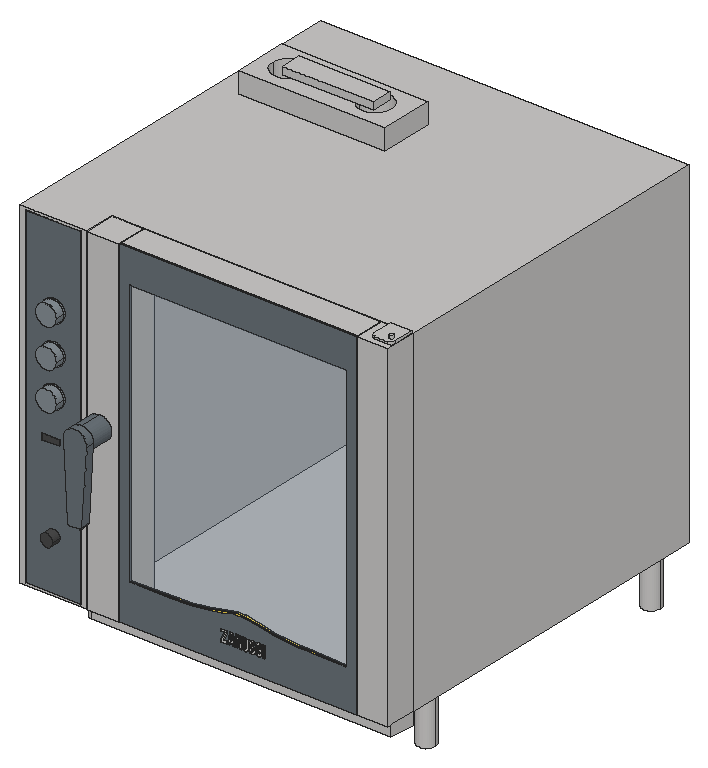
Revit family "QF_ZANUSSI_240473_ZFCG11CSAS", category Specialty Equipment, Revit 2023 (continued)
Definition of nested family "ZAN_DOOR_CROSSWISE_H820"
  Automatic sketch dimensions
    plane 13 to Extrusion 5 sketch curve = 0 mm
    plane 14 to Extrusion 5 sketch curve = 0 mm
    Extrusion 6 sketch curve to plane 7 = 0 mm
    Extrusion 6 sketch curve to plane 9 = 0 mm
    Extrusion 6 sketch curve to plane 16 = 0 mm
    plane 13 to Extrusion 6 sketch curve = 0 mm
    Extrusion 7 sketch curve to plane 4 "Top" = 0 mm
    Extrusion 7 sketch curve to plane 7 = 0 mm
    plane 15 to Extrusion 7 sketch curve = 0 mm
    Extrusion 7 sketch curve to plane 14 = 0 mm
    plane 5 "Feet" to Extrusion 10 sketch curve = 0 mm
    Extrusion 10 sketch curve to plane 1 "Center (Front/Back)" = 0 mm
    plane 6 "Front" to Extrusion 10 sketch curve = 10 mm
    Extrusion 10 sketch curve to Extrusion 10 sketch curve = 25 mm
    Extrusion 10 sketch curve to Extrusion 10 sketch curve = 29.545 mm
    plane 6 "Front" to Extrusion 11 sketch curve = 33.081 mm
    Extrusion 11 sketch curve to plane 3 "Center (Left/Right)" = 17.1 mm
    plane 1 "Center (Front/Back)" to Extrusion 12 sketch curve = 0 mm
    Extrusion 12 sketch curve to plane 3 "Center (Left/Right)" = 2.67 mm
    plane 6 "Front" to Extrusion 12 sketch curve = 25 mm  (x2)
    Extrusion 12 sketch curve to Extrusion 12 sketch curve = 10 mm
    Extrusion 12 sketch curve to Extrusion 12 sketch curve = 30 mm
    Extrusion 14 sketch curve to Extrusion 14 sketch curve = 0 mm  (x10)
    Extrusion 14 sketch curve to plane 4 "Top" = 59.547 mm  (x2)
    Extrusion 14 sketch curve to Extrusion 14 sketch curve = 19.857 mm  (x2)
    plane 16 to Extrusion 14 sketch curve = 75.313 mm  (x2)
    Extrusion 14 sketch curve to Extrusion 14 sketch curve = 0.426 mm  (x2)
    plane 16 to Extrusion 14 sketch curve = 72.277 mm  (x2)
    plane 5 "Feet" to Extrusion 14 sketch curve = 14.106 mm
    plane 13 to Extrusion 14 sketch curve = 38.728 mm
    plane 13 to Extrusion 14 sketch curve = 93.987 mm
    Extrusion 14 sketch curve to Extrusion 14 sketch curve = 1.078 mm  (x2)
    Extrusion 14 sketch curve to Extrusion 14 sketch curve = 20.088 mm  (x2)
    Extrusion 14 sketch curve to Extrusion 14 sketch curve = 0.669 mm
    plane 9 to Extrusion 14 sketch curve = 132.513 mm
    plane 9 to Extrusion 14 sketch curve = 125.32 mm
    plane 9 to Extrusion 14 sketch curve = 57.166 mm
    plane 16 to Extrusion 14 sketch curve = 93.896 mm
    Extrusion 14 sketch curve to Extrusion 14 sketch curve = 0.343 mm
    Extrusion 14 sketch curve to Extrusion 14 sketch curve = 0.346 mm
    Extrusion 14 sketch curve to Extrusion 14 sketch curve = 1.209 mm
    Extrusion 14 sketch curve to Extrusion 14 sketch curve = 5.816 mm  (x2)
    Extrusion 14 sketch curve to Extrusion 14 sketch curve = 5.779 mm
    Extrusion 14 sketch curve to Extrusion 14 sketch curve = 5.783 mm
    Extrusion 15 sketch curve to Extrusion 15 sketch curve = 0 mm  (x13)
    Extrusion 15 sketch curve to plane 9 = 0 mm
    plane 13 to Extrusion 15 sketch curve = 0 mm
    Extrusion 15 sketch curve to plane 4 "Top" = 59.547 mm  (x2)
    plane 8 to Extrusion 15 sketch curve = 0.808 mm  (x2)
    plane 17 to Extrusion 15 sketch curve = 113.011 mm  (x2)
    Extrusion 15 sketch curve to Extrusion 15 sketch curve = 0.173 mm  (x2)
    Extrusion 15 sketch curve to Extrusion 15 sketch curve = 19.857 mm  (x2)
    Extrusion 15 sketch curve to Extrusion 15 sketch curve = 19.97 mm  (x2)
    plane 16 to Extrusion 15 sketch curve = 75.313 mm  (x2)
    Extrusion 15 sketch curve to Extrusion 15 sketch curve = 0.426 mm  (x2)
    Extrusion 15 sketch curve to Extrusion 15 sketch curve = 2.497 mm  (x2)
    Extrusion 15 sketch curve to Extrusion 15 sketch curve = 2.422 mm  (x2)
    plane 16 to Extrusion 15 sketch curve = 72.277 mm  (x2)
    plane 5 "Feet" to Extrusion 15 sketch curve = 14.106 mm
    Extrusion 15 sketch curve to Extrusion 15 sketch curve = 14.485 mm
    Extrusion 15 sketch curve to Extrusion 15 sketch curve = 15.571 mm
    Extrusion 15 sketch curve to level = 90.354 mm
    plane 13 to Extrusion 15 sketch curve = 172.943 mm
    Extrusion 15 sketch curve to Extrusion 15 sketch curve = 250.632 mm
    plane 13 to Extrusion 15 sketch curve = 38.728 mm
    plane 13 to Extrusion 15 sketch curve = 66.611 mm
    Extrusion 15 sketch curve to Extrusion 15 sketch curve = 79.596 mm
    Extrusion 15 sketch curve to Extrusion 15 sketch curve = 14.39 mm
    Extrusion 15 sketch curve to Extrusion 15 sketch curve = 0.048 mm  (x2)
    plane 13 to Extrusion 15 sketch curve = 105.804 mm
    Extrusion 15 sketch curve to Extrusion 15 sketch curve = 1.078 mm  (x2)
    Extrusion 15 sketch curve to Extrusion 15 sketch curve = 1.817 mm
    Extrusion 15 sketch curve to Extrusion 15 sketch curve = 0.955 mm  (x2)
    Extrusion 15 sketch curve to Extrusion 15 sketch curve = 20.088 mm
    Extrusion 15 sketch curve to Extrusion 15 sketch curve = 0.061 mm  (x2)
    plane 13 to Extrusion 15 sketch curve = 221.698 mm
    Extrusion 15 sketch curve to Extrusion 15 sketch curve = 28.998 mm
    Extrusion 15 sketch curve to Extrusion 15 sketch curve = 2.06 mm
    Extrusion 15 sketch curve to Extrusion 15 sketch curve = 0.191 mm
    Extrusion 15 sketch curve to Extrusion 15 sketch curve = 0.669 mm
    Extrusion 15 sketch curve to Extrusion 15 sketch curve = 1.051 mm
    Extrusion 15 sketch curve to Extrusion 15 sketch curve = 5.17 mm
    Extrusion 15 sketch curve to Extrusion 15 sketch curve = 63.165 mm
    Extrusion 15 sketch curve to Extrusion 15 sketch curve = 160.676 mm
    plane 9 to Extrusion 15 sketch curve = 132.574 mm
    plane 9 to Extrusion 15 sketch curve = 126.275 mm
    Extrusion 15 sketch curve to Extrusion 15 sketch curve = 0.216 mm
    Extrusion 15 sketch curve to Extrusion 15 sketch curve = 20.101 mm
    Extrusion 15 sketch curve to Extrusion 15 sketch curve = 14.439 mm
    plane 9 to Extrusion 15 sketch curve = 85.049 mm
    plane 9 to Extrusion 15 sketch curve = 57.166 mm
    plane 16 to Extrusion 15 sketch curve = 93.896 mm
    Extrusion 15 sketch curve to Extrusion 15 sketch curve = 0.343 mm
    Extrusion 15 sketch curve to Extrusion 15 sketch curve = 0.346 mm
    Extrusion 15 sketch curve to Extrusion 15 sketch curve = 1.209 mm
    Extrusion 15 sketch curve to Extrusion 15 sketch curve = 2.747 mm
    Extrusion 15 sketch curve to Extrusion 15 sketch curve = 2.745 mm  (x2)
    Extrusion 15 sketch curve to Extrusion 15 sketch curve = 2.666 mm
    Extrusion 15 sketch curve to Extrusion 15 sketch curve = 2.667 mm
    Extrusion 15 sketch curve to Extrusion 15 sketch curve = 5.816 mm  (x2)
    Extrusion 15 sketch curve to Extrusion 15 sketch curve = 2.231 mm
    Extrusion 15 sketch curve to Extrusion 15 sketch curve = 5.779 mm
    Extrusion 15 sketch curve to Extrusion 15 sketch curve = 5.783 mm
    Extrusion 15 sketch curve to Extrusion 15 sketch curve = 2.602 mm
    Extrusion 15 sketch curve to Extrusion 15 sketch curve = 2.603 mm
    Extrusion 2 sketch curve to plane 4 "Top" = 0 mm
    Extrusion 2 sketch curve to plane 8 = 0 mm
    Extrusion 2 sketch curve to plane 9 = 0 mm
    Extrusion 2 sketch curve to plane 5 "Feet" = 0 mm
    plane 8 to Extrusion 2 sketch curve = 0.808 mm  (x2)
    plane 17 to Extrusion 2 sketch curve = 113.011 mm  (x2)
    Extrusion 2 sketch curve to Extrusion 2 sketch curve = 40 mm  (x2)
    plane 16 to Extrusion 2 sketch curve = 72.816 mm
    Extrusion 2 sketch curve to Extrusion 2 sketch curve = 0.351 mm  (x2)
    plane 16 to Extrusion 2 sketch curve = 72.277 mm
    Extrusion 2 sketch curve to Extrusion 2 sketch curve = 0.187 mm  (x2)
    plane 5 "Feet" to Extrusion 2 sketch curve = 51.274 mm
    Extrusion 2 sketch curve to Extrusion 2 sketch curve = 0 mm  (x5)
    Extrusion 2 sketch curve to Extrusion 2 sketch curve = 15.473 mm
    plane 9 to Extrusion 2 sketch curve = 191.381 mm
    Extrusion 2 sketch curve to level = 340.986 mm
    plane 15 to Extrusion 2 sketch curve = 0 mm
    plane 13 to Extrusion 2 sketch curve = 66.611 mm
    plane 13 to Extrusion 2 sketch curve = 79.596 mm
    Extrusion 2 sketch curve to Extrusion 2 sketch curve = 14.439 mm  (x2)
    plane 13 to Extrusion 2 sketch curve = 107.621 mm
    Extrusion 2 sketch curve to Extrusion 2 sketch curve = 0.216 mm  (x2)
    Extrusion 2 sketch curve to Extrusion 2 sketch curve = 20.101 mm  (x2)
    Extrusion 2 sketch curve to Extrusion 2 sketch curve = 160.676 mm
    Extrusion 2 sketch curve to Extrusion 2 sketch curve = 137.516 mm
    Extrusion 2 sketch curve to Extrusion 2 sketch curve = 1.285 mm
    Extrusion 2 sketch curve to Extrusion 2 sketch curve = 0.691 mm
    Extrusion 2 sketch curve to Extrusion 2 sketch curve = 3.257 mm
    plane 9 to Extrusion 2 sketch curve = 132.574 mm
    plane 9 to Extrusion 2 sketch curve = 126.275 mm
    plane 9 to Extrusion 2 sketch curve = 85.049 mm
    Extrusion 2 sketch curve to plane 14 = 0 mm
    plane 16 to Extrusion 2 sketch curve = 90.843 mm
    Extrusion 2 sketch curve to Extrusion 2 sketch curve = 0.408 mm
    Extrusion 2 sketch curve to Extrusion 2 sketch curve = 0.411 mm
    Extrusion 2 sketch curve to Extrusion 2 sketch curve = 0.755 mm
    Extrusion 2 sketch curve to Extrusion 2 sketch curve = 0.758 mm
    Extrusion 2 sketch curve to Extrusion 2 sketch curve = 5.38 mm
    Extrusion 2 sketch curve to Extrusion 2 sketch curve = 6.15 mm
    Extrusion 2 sketch curve to Extrusion 2 sketch curve = 6.154 mm
    plane 13 to Extrusion 2 sketch curve = 0 mm
    plane 17 to Extrusion 14 sketch curve = 112.838 mm  (x2)
    Extrusion 14 sketch curve to level = 90.354 mm
    Extrusion 14 sketch curve to plane 3 "Center (Left/Right)" = 205.804 mm
    Extrusion 14 sketch curve to plane 3 "Center (Left/Right)" = 321.698 mm
    Extrusion 14 sketch curve to Extrusion 14 sketch curve = 138.871 mm
    Extrusion 14 sketch curve to Extrusion 14 sketch curve = 63.165 mm
    Extrusion 8 sketch curve to plane 17 = 0 mm
    Extrusion 8 sketch curve to plane 18 = 0 mm
    plane 18 to Extrusion 8 sketch curve = 11.817 mm
    Extrusion 8 sketch curve to Extrusion 8 sketch curve = 4.988 mm
    Extrusion 8 sketch curve to plane 17 = 1.756 mm
    Extrusion 8 sketch curve to plane 12 = 19.055 mm
    Extrusion 8 sketch curve to plane 18 = 11.817 mm
    Extrusion 8 sketch curve to Extrusion 8 sketch curve = 4.99 mm
    Extrusion 8 sketch curve to Extrusion 8 sketch curve = 176.899 mm
    Extrusion 8 sketch curve to Extrusion 8 sketch curve = 0 mm
    Extrusion 8 sketch curve to Extrusion 8 sketch curve = 0.313 mm
    Extrusion 8 sketch curve to plane 11 = 0.013 mm
    plane 1 "Center (Front/Back)" to curve 5 = 0 mm
    curve 8 to plane 3 "Center (Left/Right)" = 0 mm
    curve 14 to plane 3 "Center (Left/Right)" = 2.67 mm
    curve 12 to plane 3 "Center (Left/Right)" = 12.67 mm
    curve 16 to curve 13 = 4.431 mm
    curve 15 to curve 11 = 10 mm
    curve 4 to plane 12 = 11.987 mm
    curve 3 to plane 11 = 0.013 mm
    curve 6 to plane 11 = 0.004 mm
    curve 3 to curve 2 = 74.533 mm
    curve 13 to curve 16 = 8.081 mm
    curve 10 to plane 10 = 0 mm
    plane 9 to curve 9 = 0 mm
    curve 3 to curve 1 = 20 mm
    Extrusion 13 sketch curve to plane 6 "Front" = 0 mm
    Extrusion 13 sketch curve to plane 3 "Center (Left/Right)" = 0 mm
    Extrusion 13 sketch curve to plane 3 "Center (Left/Right)" = 17.33 mm
    plane 6 "Front" to Extrusion 13 sketch curve = 22.83 mm
    plane 11 to Extrusion 13 sketch curve = 0.004 mm
    curve 15 to plane 10 = 22.33 mm
    curve 3 to plane 6 "Front" = 75 mm
    plane 6 "Front" to curve 12 = 15 mm
    curve 18 to plane 6 "Front" = 0 mm
    curve 18 to plane 3 "Center (Left/Right)" = 0 mm
    curve 18 to curve 13 = 4.66 mm
    curve 18 to curve 13 = 2.17 mm
    curve 17 to curve 7 = 672.575 mm
    plane 11 to curve 18 = 0.004 mm
    radius of Extrusion 9 sketch curve = 28 mm
    radius of Extrusion 11 sketch curve = 5 mm
    radius of curve 16 = 5 mm
